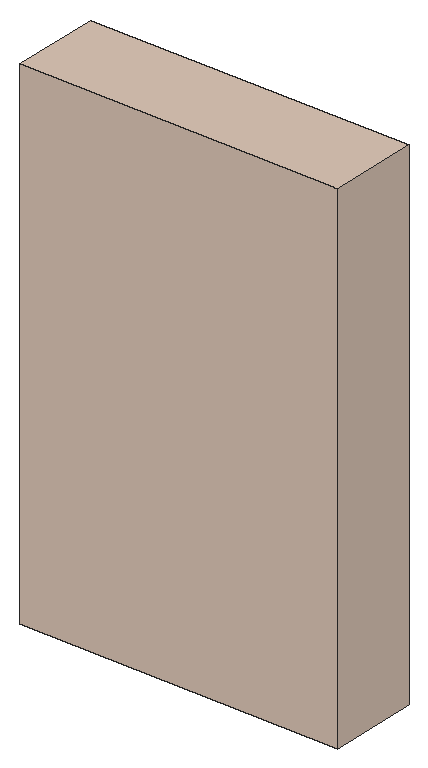
Revit family "Niche_NobleCompany_302", category Generic Models, host Wall, Revit 2016
Family settings
  Host = Wall
  Part Type = Normal
  Can host rebar = No
  Round Connector Dimension = Use Diameter
  Always vertical = Yes
  Cut with Voids When Loaded = No
  Shared = No
  Room Calculation Point = No
Parameters (values of type "302 Arched")
  Width = 1' - 2 1/4"
  URL = "www.noblecompany.com"
  Tile Thickness [instance] = 0' - 0 1/4"
  Thickness = 0' - 1 1/8"
  Specification = ""
  Sales Information = "http://noblecompany.com/contact/"
  Revision = "R1_09-2016"
  Product Properties = "http://noblecompany.com/products/noble-niches"
  Product Data = "http://www.arcat.com/arcatcos/cos34/arc34489.html"
  Niche Material = Acrylic Polymer Finish
  Model = "302"
  Manufacturer Website = "www.noblecompany.com"
  Manufacturer Phone - Toll Free = "800-878-5788"
  Manufacturer Phone = "231-799-8000"
  Manufacturer Fax = "231-799-8850"
  Manufacturer Address = "P. O. Box 350, Grand Haven, MI 49417-0350"
  Manufacturer = "Noble Company"
  Keynote = "10 28 00"
  Installation-Fabrication = "http://noblecompany.com/storage/docs/resources/NN062016-13_Noble_Niche_Installation_Instruction.pdf"
  Instal Height [instance] = 5' - 0"
  Height = 1' - 10 1/2"
  Drawn By = "Sumex Design - Robert S Weygant"
  Description = "302 Arched Niche"
  Depth = 0' - 4"
  Copyright = "� 2016 ARCAT Inc."
  Construction Details = ""
  Assembly Code = "D2010700"
Reference planes (in)
  plane 1: y = 0
  plane 2 "Center (Left/Right)": x = 0
  plane 3 "Wall Edge": y = 3
  plane 4: x = -7.125
  plane 5: y = 2.75
  plane 6: y = -1.25
  plane 7: x = 7.125
  plane 8: z = 60
  plane 9: z = 37.5
  plane 10: x = -6
  plane 11: x = 6
  plane 12: y = -0.75
  plane 13: z = 38.75
  plane 14: z = 58.875
Forms (in)
  Extrusion 1, void
    sketch origin (0, 0, 0) x (1, 0, 0) y (0, 1, 0)
      loop
        line (-7.125, 2.75) -> (-7.125, -1.25) -> (7.125, -1.25) -> (7.125, 2.75) -> (-7.125, 2.75)
    from 37.5 to 60
  Extrusion 2, solid, material "Acrylic Polymer Finish" <- "Niche Material"
    sketch origin (0, 0, 0) x (1, 0, 0) y (0, 1, 0)
      loop
        line (-7.125, 2.75) -> (-7.125, -1.25) -> (7.125, -1.25) -> (7.125, 2.75) -> (-7.125, 2.75)
    from 37.5 to 60
  Extrusion 3, void
    sketch origin (0, 3, 0) x (1, 0, 0) y (0, 0, 1)
      loop
        line (6, 38.75) -> (6, 52.625) -> (0, 58.875) -> (-6, 52.625) -> (-6, 38.75) -> (6, 38.75)
    from 0 to 3.75
Cuts and joins
  Extrusion 3 cuts Extrusion 2
Text (in)
  text "Placement Side" at (0, 40.15149, 123.01588), in view "Right"
  text "Placement Side" at (-105.78919, 39.84311, 0), in view "Ref. Level"
  text "Placement Side" at (0, 81.62555, 140.59947), in view "Left"
Dimensions and locks (in)
  host wall to plane 3 "Wall Edge" = 0' - 0"
  equal spacing: plane 4, plane 2 "Center (Left/Right)", plane 7
  "Width": plane 4 to plane 7
  "Depth": plane 5 to plane 6
  "Height": plane 9 to plane 8
  "Instal Height": level to plane 8
  locked: plane 12 to plane 6 at 0.5
  locked: plane 4 to plane 10 at 1.125
  locked: plane 11 to plane 7 at 1.125
  "Thickness": plane 14 to plane 8
  plane 9 to plane 13 = 0' - 1 1/4"
  plane 9 to Extrusion 3 sketch curve = 1' - 3 1/8"  (x2)
  host wall to plane 5 = 0' - 0 1/4"
  "Tile Thickness": plane 5 to plane 3 "Wall Edge"
  aligned and locked: Extrusion 1 sketch curve to plane 5
  aligned and locked: plane 4 to Extrusion 1 sketch curve
  aligned and locked: plane 6 to Extrusion 1 sketch curve
  aligned and locked: plane 7 to Extrusion 1 sketch curve
  aligned and locked: plane 8 to Extrusion 1
  aligned and locked: Extrusion 1 to plane 9
  aligned and locked: Extrusion 2 sketch curve to plane 5
  aligned and locked: plane 4 to Extrusion 2 sketch curve
  aligned and locked: plane 6 to Extrusion 2 sketch curve
  aligned and locked: plane 7 to Extrusion 2 sketch curve
  aligned and locked: plane 8 to Extrusion 2
  aligned and locked: Extrusion 2 to plane 9
  aligned and locked: plane 11 to Extrusion 3 sketch curve
  aligned and locked: plane 10 to Extrusion 3 sketch curve
  aligned and locked: Extrusion 3 to plane 12
  aligned and locked: Extrusion 3 sketch curve to plane 13
  aligned and locked: Extrusion 3 to plane 3 "Wall Edge"
  aligned and locked: plane 3 "Wall Edge" to host wall
Automatic sketch dimensions
  Extrusion 3 sketch curve to plane 2 "Center (Left/Right)" = 0' - 0"
  Extrusion 3 sketch curve to plane 14 = 0' - 0"
